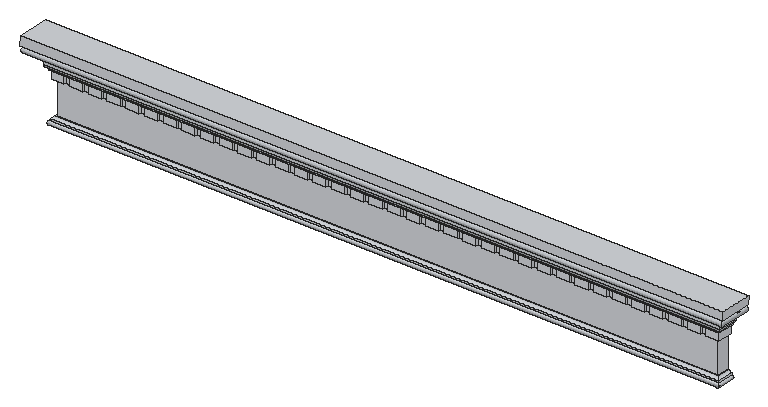
Revit family "OracDecor_D401", category Обобщенные модели, Revit 2019
Family settings
  Может служить основой для арматурных стержней = Нет
  Размер круглого соединителя = Использовать диаметр
  Тип детали = Нормальный
  На основе рабочей плоскости = Нет
  Всегда вертикально = Да
  При загрузке вырезать с полостями = Нет
  Общий = Нет
  Точка расчета площади = Нет
Parameters
  Изготовитель = "Family from POCHERTEAM"  # constant formula
  URL = "t.me/pocherteam"
Reference planes
  plane 1 "По центру (Вперед/Назад)": y = 0
  plane 2: z = 0
  plane 3 "По центру (Влево/Вправо)": x = 0
Forms (mm)
  Sweep 1, solid
    path origin (0, 300, 0) x (1, 0, 0) y (0, 1, 0)
      loop
        line (59, -299) -> (59, -300) -> (1216, -300) -> (1216, -299)
    profile origin (637.5, 0, 0) x (0, 1, 0) y (0, 0, 1)
      loop
        line (0, 0) -> (0, 147) -> (-59, 147) -> (-59, 132) -> (-54.904, 129.132)
        arc (-54.904, 129.132) -> (-58.01, 123.16) -> (-53.047, 118.612) r 5.53
        arc (-53.047, 118.612) -> (-40.117, 111.99) -> (-35.466, 98.228) r 19.303
        arc (-35.466, 98.228) -> (-34.001, 94.693) -> (-30.466, 93.228) r 5
        line (-30.466, 93.228) -> (-30.466, 89.21) -> (-27.452, 89.21) -> (-27.452, 74.21) -> (-21.461, 74.21) -> (-21.461, 14.21) -> (-24.399, 14.21)
        arc (-24.399, 14.21) -> (-25.575, 11.369) -> (-28.416, 10.192) r 4.017
        line (-28.416, 10.192) -> (-28.416, 6.954)
        arc (-28.416, 6.954) -> (-31.893, 3.477) -> (-28.416, 0) r 3.477
        line (-28.416, 0) -> (0, 0)
  Extrusion 2, void
    sketch origin (0, 0, 0) x (1, 0, 0) y (0, 1, 0)
      loop
        line (0, 0) -> (1275, 0) -> (1275, 1) -> (0, 1) -> (0, 0)
    from 0 to 147
  Extrusion 3, void
    sketch origin (0, 0, 0) x (1, 0, 0) y (0, 0, 1)
      loop
        line (54.498, 74.21) -> (64.498, 74.21) -> (64.498, 89.21) -> (54.498, 89.21) -> (54.498, 74.21)
      loop
        line (88.498, 74.21) -> (98.498, 74.21) -> (98.498, 89.21) -> (88.498, 89.21) -> (88.498, 74.21)
      loop
        line (122.498, 74.21) -> (132.498, 74.21) -> (132.498, 89.21) -> (122.498, 89.21) -> (122.498, 74.21)
      loop
        line (156.498, 74.21) -> (166.498, 74.21) -> (166.498, 89.21) -> (156.498, 89.21) -> (156.498, 74.21)
      loop
        line (190.498, 74.21) -> (200.498, 74.21) -> (200.498, 89.21) -> (190.498, 89.21) -> (190.498, 74.21)
      loop
        line (224.498, 74.21) -> (234.498, 74.21) -> (234.498, 89.21) -> (224.498, 89.21) -> (224.498, 74.21)
      loop
        line (258.498, 74.21) -> (268.498, 74.21) -> (268.498, 89.21) -> (258.498, 89.21) -> (258.498, 74.21)
      loop
        line (292.498, 74.21) -> (302.498, 74.21) -> (302.498, 89.21) -> (292.498, 89.21) -> (292.498, 74.21)
      loop
        line (326.498, 74.21) -> (336.498, 74.21) -> (336.498, 89.21) -> (326.498, 89.21) -> (326.498, 74.21)
      loop
        line (360.498, 74.21) -> (370.498, 74.21) -> (370.498, 89.21) -> (360.498, 89.21) -> (360.498, 74.21)
      loop
        line (394.498, 74.21) -> (404.498, 74.21) -> (404.498, 89.21) -> (394.498, 89.21) -> (394.498, 74.21)
      loop
        line (428.498, 74.21) -> (438.498, 74.21) -> (438.498, 89.21) -> (428.498, 89.21) -> (428.498, 74.21)
      loop
        line (462.498, 74.21) -> (472.498, 74.21) -> (472.498, 89.21) -> (462.498, 89.21) -> (462.498, 74.21)
      loop
        line (496.498, 74.21) -> (506.498, 74.21) -> (506.498, 89.21) -> (496.498, 89.21) -> (496.498, 74.21)
      loop
        line (530.498, 74.21) -> (540.498, 74.21) -> (540.498, 89.21) -> (530.498, 89.21) -> (530.498, 74.21)
      loop
        line (564.498, 74.21) -> (574.498, 74.21) -> (574.498, 89.21) -> (564.498, 89.21) -> (564.498, 74.21)
      loop
        line (598.498, 74.21) -> (608.498, 74.21) -> (608.498, 89.21) -> (598.498, 89.21) -> (598.498, 74.21)
      loop
        line (632.498, 74.21) -> (642.498, 74.21) -> (642.498, 89.21) -> (632.498, 89.21) -> (632.498, 74.21)
      loop
        line (666.498, 74.21) -> (676.498, 74.21) -> (676.498, 89.21) -> (666.498, 89.21) -> (666.498, 74.21)
      loop
        line (700.498, 74.21) -> (710.498, 74.21) -> (710.498, 89.21) -> (700.498, 89.21) -> (700.498, 74.21)
      loop
        line (734.498, 74.21) -> (744.498, 74.21) -> (744.498, 89.21) -> (734.498, 89.21) -> (734.498, 74.21)
      loop
        line (768.498, 74.21) -> (778.498, 74.21) -> (778.498, 89.21) -> (768.498, 89.21) -> (768.498, 74.21)
      loop
        line (802.498, 74.21) -> (812.498, 74.21) -> (812.498, 89.21) -> (802.498, 89.21) -> (802.498, 74.21)
      loop
        line (836.498, 74.21) -> (846.498, 74.21) -> (846.498, 89.21) -> (836.498, 89.21) -> (836.498, 74.21)
      loop
        line (870.498, 74.21) -> (880.498, 74.21) -> (880.498, 89.21) -> (870.498, 89.21) -> (870.498, 74.21)
      loop
        line (904.498, 74.21) -> (914.498, 74.21) -> (914.498, 89.21) -> (904.498, 89.21) -> (904.498, 74.21)
      loop
        line (938.498, 74.21) -> (948.498, 74.21) -> (948.498, 89.21) -> (938.498, 89.21) -> (938.498, 74.21)
      loop
        line (972.498, 74.21) -> (982.498, 74.21) -> (982.498, 89.21) -> (972.498, 89.21) -> (972.498, 74.21)
      loop
        line (1006.498, 74.21) -> (1016.498, 74.21) -> (1016.498, 89.21) -> (1006.498, 89.21) -> (1006.498, 74.21)
      loop
        line (1040.498, 74.21) -> (1050.498, 74.21) -> (1050.498, 89.21) -> (1040.498, 89.21) -> (1040.498, 74.21)
      loop
        line (1074.498, 74.21) -> (1084.498, 74.21) -> (1084.498, 89.21) -> (1074.498, 89.21) -> (1074.498, 74.21)
      loop
        line (1108.498, 74.21) -> (1118.498, 74.21) -> (1118.498, 89.21) -> (1108.498, 89.21) -> (1108.498, 74.21)
      loop
        line (1142.498, 74.21) -> (1152.498, 74.21) -> (1152.498, 89.21) -> (1142.498, 89.21) -> (1142.498, 74.21)
      loop
        line (1176.498, 74.21) -> (1186.498, 74.21) -> (1186.498, 89.21) -> (1176.498, 89.21) -> (1176.498, 74.21)
      loop
        line (1210.498, 74.21) -> (1220.498, 74.21) -> (1220.498, 89.21) -> (1210.498, 89.21) -> (1210.498, 74.21)
    from 24.5 to 27.452
Cuts and joins
  Extrusion 2, Extrusion 3 cuts Sweep 1
Dimensions and locks
  plane 3 "По центру (Влево/Вправо)" to Sweep 1 = 1275 mm
  plane 1 "По центру (Вперед/Назад)" to Sweep 1 = 59 mm
  Sweep 1 to level = 147 mm
  cut or joined group of Sweep 1, Extrusion 2, Extrusion 3 to plane 3 "По центру (Влево/Вправо)" = 1275 mm
  cut or joined group of Sweep 1, Extrusion 2, Extrusion 3 to level = 147 mm
  aligned and locked: level to plane 2
  aligned and locked: Sweep 1 to Extrusion 2
  aligned and locked: Extrusion 3 to Sweep 1
